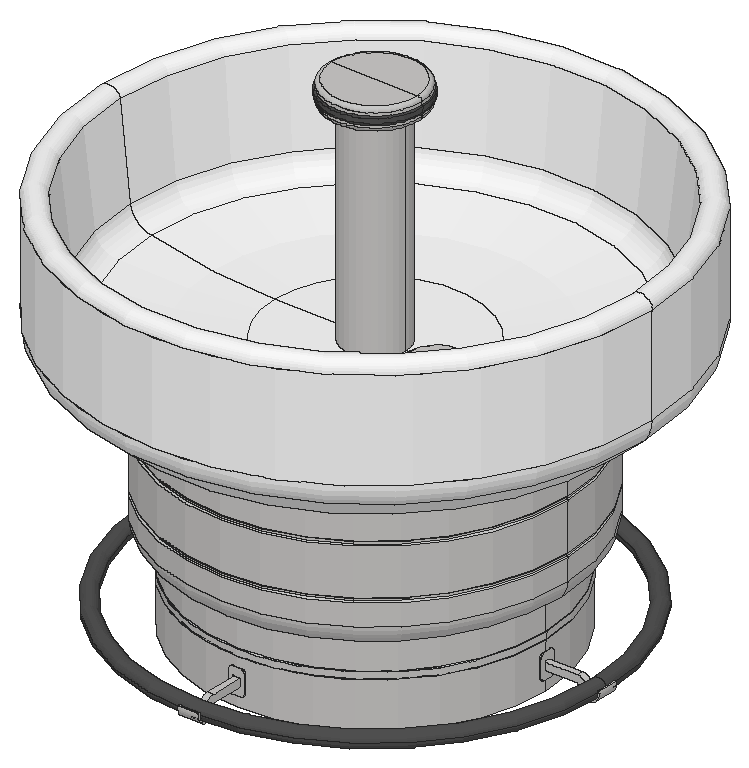
Revit family "Washfountain_Lavatory-Bradley_Corp-WF2605-Type_B_Drain", category Plumbing Fixtures, Revit 2012 (continued)
Lines and regions (in)
  reference lines
    curve 83: line (0, 0, 31.625) -> (0, -4, 31.625)
    curve 92: line (-5.56458, 3.13814, 45.5) -> (-0.06458, -6.38814, 45.5)
    curve 93: line (0.06458, -6.38814, 45.5) -> (5.56458, 3.13814, 45.5)
    curve 94: line (5.5, 3.25, 45.5) -> (-5.5, 3.25, 45.5)
    curve 95: line (-27, 0, 45.5) -> (-19, 0, 45.5)
    curve 128: line (-27, -27, 45.5) -> (-21, -27, 45.5)
    curve 129: line (-27, 27, 45.5) -> (-21, 27, 45.5)
    curve 140: line (0, 0, 45.5) -> (0, -3.5, 45.5)
    curve 156: line (0, 1.5, 35.125) -> (0, -1.75, 35.125)
    curve 157: line (-1.5, 0, 35.125) -> (1.5, 0, 35.125)
    curve 223: line (0, -10.91222, 45.5) -> (0, -15.41222, 45.5)
  symbolic lines, visible <- "Juvenile Height", detail levels fine
    curve 4: line (12.52869, 0, 11.79552) -> (-12.52869, 0, 11.79552)
    curve 5: line (12.4415, 0, 11.70832) -> (-12.4415, 0, 11.70832)
    curve 6: line (12.4415, 0, 11.58502) -> (-12.4415, 0, 11.58502)
    curve 7: line (12.52869, 0, 11.49783) -> (-12.52869, 0, 11.49783)
    curve 8: line (12.52869, 0, 8.49088) -> (-12.52869, 0, 8.49088)
    curve 9: line (12.4415, 0, 8.40369) -> (-12.4415, 0, 8.40369)
    curve 10: line (12.4415, 0, 8.28038) -> (-12.4415, 0, 8.28038)
    curve 11: line (12.52869, 0, 8.19319) -> (-12.52869, 0, 8.19319)
    curve 13: line (11.12583, 0, 2.953) -> (0.48842, 0, 2.953)
    curve 45: line (0, 12.52869, 11.59252) -> (0, -12.52869, 11.59252)
    curve 46: line (0, -12.4415, 11.50532) -> (0, 12.4415, 11.50532)
    curve 47: line (0, 12.4415, 11.38202) -> (0, -12.4415, 11.38202)
    curve 48: line (0, -12.52869, 11.29483) -> (0, 12.52869, 11.29483)
    curve 49: line (0, 12.52869, 8.28788) -> (0, -12.52869, 8.28788)
    curve 50: line (0, -12.4415, 8.20069) -> (0, 12.4415, 8.20069)
    curve 51: line (0, 12.4415, 8.07738) -> (0, -12.4415, 8.07738)
    curve 52: line (0, -12.52869, 7.99019) -> (0, 12.52869, 7.99019)
    curve 200: line (-11.12583, 0, 3.453) -> (11.12583, 0, 3.453)
    curve 201: line (11.16155, 0, 3.40649) -> (-11.16155, 0, 3.40649)
    curve 202: line (11.16155, 0, 2.99964) -> (-11.16155, 0, 2.99964)
    curve 203: line (-11.12583, 0, 2.953) -> (11.12583, 0, 2.953)
    curve 206: line (0, -11.12583, 3.45264) -> (0, 11.12583, 3.45264)
    curve 207: line (0, 11.16155, 3.40613) -> (0, -11.16155, 3.40613)
    curve 208: line (0, -11.16155, 2.99916) -> (0, 11.16155, 2.99916)
    curve 209: line (0, 11.12583, 2.95264) -> (0, -11.12586, 2.95264)
  symbolic lines, visible <- "Juvenile Height"
    curve 12: line (11.12583, 0, 5.39985) -> (-11.12583, 0, 5.39985)
    curve 53: line (0, 11.12583, 5.19685) -> (0, -11.12583, 5.19685)
  symbolic lines, visible <- "Standard Height", detail levels fine
    curve 15: line (12.52869, 0, 10.89269) -> (-12.52869, 0, 10.89269)
    curve 16: line (12.41821, 0, 10.78221) -> (-12.41821, 0, 10.78221)
    curve 17: line (12.41821, 0, 10.62596) -> (-12.41821, 0, 10.62596)
    curve 18: line (12.52869, 0, 10.51547) -> (-12.52869, 0, 10.51547)
    curve 19: line (12.52869, 0, 6.70519) -> (-12.52869, 0, 6.70519)
    curve 20: line (12.41821, 0, 6.59471) -> (-12.41821, 0, 6.59471)
    curve 21: line (12.41821, 0, 6.43846) -> (-12.41821, 0, 6.43846)
    curve 22: line (12.52869, 0, 6.32797) -> (-12.52869, 0, 6.32797)
    curve 24: line (11.12583, 0, -0.54688) -> (-11.12583, 0, -0.54688)
    curve 25: line (11.16155, 0, -0.59339) -> (-11.16155, 0, -0.59339)
    curve 26: line (11.16155, 0, -1.00036) -> (-11.16155, 0, -1.00036)
    curve 27: line (11.12583, 0, -1.04688) -> (-11.12583, 0, -1.04688)
    curve 29: line (0, 11.12583, -1.04688) -> (0, -11.12583, -1.04688)
    curve 30: line (0, -11.16155, -1.00036) -> (0, 11.16155, -1.00036)
    curve 31: line (0, 11.16155, -0.59339) -> (0, -11.16155, -0.59339)
    curve 32: line (0, -11.12583, -0.54688) -> (0, 11.12583, -0.54688)
    curve 34: line (0, -12.52869, 6.32797) -> (0, 12.52869, 6.32797)
    curve 35: line (0, 12.41821, 6.43846) -> (0, -12.41821, 6.43846)
    curve 36: line (0, -12.41821, 6.59471) -> (0, 12.41821, 6.59471)
    curve 37: line (0, 12.52869, 6.70519) -> (0, -12.52869, 6.70519)
    curve 38: line (0, -12.52869, 10.51547) -> (0, 12.52869, 10.51547)
    curve 39: line (0, 12.41821, 10.62596) -> (0, -12.41821, 10.62596)
    curve 40: line (0, -12.41821, 10.78221) -> (0, 12.41821, 10.78221)
    curve 41: line (0, 12.52869, 10.89269) -> (0, -12.52869, 10.89269)
  symbolic lines, visible <- "Standard Height"
    curve 23: line (11.12583, 0, 2.77084) -> (-11.12583, 0, 2.77084)
    curve 33: line (0, 11.12583, 2.77084) -> (0, -11.12583, 2.77084)
  symbolic lines, visible <- "Standard Height", detail levels medium
    curve 42: line (0, 12.41821, 10.70408) -> (0, -12.41821, 10.70408)
    curve 43: line (0, -12.41821, 6.51658) -> (0, 12.41821, 6.51658)
    curve 44: line (0, 11.16155, -0.79688) -> (0, -11.16155, -0.79688)
    curve 58: line (-12.41821, 0, 10.70394) -> (12.41855, 0, 10.70394)
    curve 59: line (12.41855, 0, 6.51644) -> (-12.41821, 0, 6.51644)
    curve 60: line (-11.16155, 0, -0.79688) -> (11.16155, 0, -0.79688)
  symbolic lines, visible <- "Juvenile Height", detail levels medium
    curve 54: line (0, 12.4415, 8.13904) -> (0, -12.4415, 8.13904)
    curve 55: line (0, -12.4415, 11.44367) -> (0, 12.4415, 11.44367)
    curve 56: line (-12.4415, 0, 8.34204) -> (12.4415, 0, 8.34204)
    curve 57: line (12.4415, 0, 11.64667) -> (-12.4415, 0, 11.64667)
    curve 204: line (-11.16155, 0, 3.20306) -> (11.16155, 0, 3.20306)
    curve 210: line (0, -11.16155, 3.20264) -> (0, 11.16155, 3.20264)
  symbolic lines, visible <- "Soap Dispenser", detail levels fine
    curve 62: line (-5.81, 0, 34.73265) -> (5.81, 0, 34.73265)
    curve 63: line (5.87777, 0, 35.98265) -> (-5.87777, 0, 35.98265)
    curve 64: line (-5.93039, 0, 37.23265) -> (5.93039, 0, 37.23265)
    curve 65: line (5.98301, 0, 38.48265) -> (-5.98301, 0, 38.48265)
    curve 67: line (6.13971, 0, 39.74971) -> (-6.13971, 0, 39.74971)
    curve 69: line (0, 5.80997, 34.73265) -> (0, -5.80997, 34.73265)
    curve 70: line (0, -5.87775, 35.98265) -> (0, 5.87775, 35.98265)
    curve 71: line (0, 5.93037, 37.23265) -> (0, -5.93037, 37.23265)
    curve 72: line (0, -5.98298, 38.48265) -> (0, 5.98298, 38.48265)
    curve 74: line (0, -6.13969, 39.74971) -> (0, 6.13969, 39.74971)
  symbolic lines, visible <- "Soap Dispenser", detail levels medium+fine
    curve 66: line (-6.13971, 0, 39.12453) -> (6.13971, 0, 39.12453)
    curve 73: line (0, 6.13969, 39.12453) -> (0, -6.13969, 39.12453)
    curve 170: circle (0, 0, 40.125) r 4.13984 normal (0, 0, 1)
  symbolic lines, detail levels medium
    curve 75: line (-3.12875, 0, 31.17952) -> (-3.035, 0, 31.17952)
    curve 77: line (3.035, 0, 31.17952) -> (3.12875, 0, 31.17952)
    curve 78: line (3.12875, 0, 30.67952) -> (3.035, 0, 30.67952)
    curve 80: line (-3.035, 0, 30.67952) -> (-3.12875, 0, 30.67952)
    curve 84: line (0, 3.12875, 31.17952) -> (0, 3.035, 31.17952)
    curve 86: line (0, -3.035, 31.17952) -> (0, -3.12875, 31.17952)
    curve 87: line (0, -3.12875, 30.67952) -> (0, -3.035, 30.67952)
    curve 89: line (0, 3.035, 30.67952) -> (0, 3.12875, 30.67952)
  symbolic lines, detail levels medium+fine
    curve 76: line (-3.035, 0, 31.17952) -> (3.035, 0, 31.17952)
    curve 79: line (3.035, 0, 30.67952) -> (-3.035, 0, 30.67952)
    curve 85: line (0, 3.035, 31.17952) -> (0, -3.035, 31.17952)
    curve 88: line (0, -3.035, 30.67952) -> (0, 3.035, 30.67952)
    curve 171: circle (0, 0, 31.625) r 2.785 normal (0, 0, 1)
    curve 172: circle (0, 0, 31.625) r 3.035 normal (0, 0, 1)
    curve 174: circle (0, 0, 25.25) r 14 normal (0, 0, 1)
    curve 213: circle (4, 0, 25.25) r 1.25 normal (0, 0, 1)
    curve 214: circle (4, 0, 25.25) r 0.1842 normal (0, 0, 1)
    curve 215: circle (4, 0.87771, 25.25) r 0.1842 normal (0, 0, 1)
    curve 216: circle (4.62063, 0.62063, 25.25) r 0.1842 normal (0, 0, 1)
    curve 217: circle (4.87771, 0, 25.25) r 0.1842 normal (0, 0, 1)
    curve 218: circle (4.62063, -0.62063, 25.25) r 0.1842 normal (0, 0, 1)
    curve 219: circle (4, -0.87771, 25.25) r 0.1842 normal (0, 0, 1)
    curve 220: circle (3.37937, -0.62063, 25.25) r 0.1842 normal (0, 0, 1)
    curve 221: circle (3.12229, 0, 25.25) r 0.1842 normal (0, 0, 1)
    curve 222: circle (3.37937, 0.62063, 25.25) r 0.1842 normal (0, 0, 1)
  symbolic lines
    curve 81: line (-2, 0, 30.23452) -> (2, 0, 30.23452)
    curve 90: line (0, 2, 30.23452) -> (0, -2, 30.23452)
    curve 173: circle (0, 0, 25.25) r 16 normal (0, 0, 1)
    curve 212: circle (4, 0, 25.25) r 1.75 normal (0, 0, 1)
  symbolic lines, visible <- "Soap Dispenser"
    curve 82: line (-2.095, 0, 34.125) -> (2.095, 0, 34.125)
    curve 91: line (0, 2.095, 34.125) -> (0, -2.095, 34.125)
  symbolic lines, visible <- "Towel Dispenser"
    curve 96: line (-0.06458, -27, 60.81283) -> (-0.06458, -27, 45.5)
    curve 97: line (0.06458, -27, 60.81283) -> (0.06458, -27, 45.5)
    curve 98: line (-9.02868, -27, 60.12533) -> (-3.52868, -27, 60.12533)
    curve 99: line (-0.06458, -27, 60.81283) -> (-3.52868, -27, 60.12533)
    curve 100: line (3.52868, -27, 60.12533) -> (0.06458, -27, 60.81283)
    curve 101: line (3.52868, -27, 60.12533) -> (9.02868, -27, 60.12533)
    curve 102: line (3.52868, -27, 46.875) -> (3.52868, -27, 60.12533)
    curve 103: line (-3.52868, -27, 60.12533) -> (-3.52868, -27, 46.875)
    curve 104: line (-3.52868, -27, 46.875) -> (-9.02868, -27, 46.875)
    curve 105: line (9.02868, -27, 46.875) -> (3.52868, -27, 46.875)
    curve 106: line (-3.52868, -27, 46.875) -> (-1.58013, -27, 45.5)
    curve 107: line (1.58013, -27, 45.5) -> (3.52868, -27, 46.875)
    curve 108: line (-2, -27, 45.5) -> (2, -27, 45.5)
    curve 109: line (-2, -27, 60.81283) -> (2, -27, 60.81283)
    curve 130: line (-5.56458, 27, 60.83333) -> (-5.56458, 27, 45.5)
    curve 131: line (5.56458, 27, 45.5) -> (5.56458, 27, 60.81283)
    curve 132: line (5.56458, 27, 60.12533) -> (-5.56458, 27, 60.12533)
    curve 133: line (-5.56458, 27, 46.875) -> (5.56458, 27, 46.875)
    curve 143: line (0, 2.26314, 45.5) -> (0, 1.13814, 46.875)
    curve 144: line (0, -8.38814, 46.875) -> (0, 1.13814, 46.875)
    curve 145: line (0, 1.13814, 46.875) -> (0, 1.13814, 60.12533)
    curve 146: line (0, 1.13814, 60.12533) -> (0, -8.38814, 60.12533)
    curve 147: line (0, 1.13814, 60.12533) -> (0, 3.13814, 60.81283)
    curve 148: line (0, 3.13814, 60.81283) -> (0, 3.13814, 45.5)
    curve 149: line (0, 3.25, 45.5) -> (0, 3.25, 60.81283)
    curve 154: line (0, 2, 60.81283) -> (0, -2, 60.81283)
    curve 155: line (0, 2, 45.5) -> (0, -2, 45.5)
    curve 164: line (-0.06458, -6.38814, 45.5) -> (-5.56458, 3.13814, 45.5)
    curve 165: line (-5.5, 3.25, 45.5) -> (5.5, 3.25, 45.5)
    curve 166: line (5.56458, 3.13814, 45.5) -> (0.06458, -6.38814, 45.5)
  model lines, visible <- "Towel Dispenser", detail levels fine
    curve 110: spline (3.52868, -8.38814, 46.875) -> (3.62239, -8.22584, 49.91612) -> (3.89711, -7.75, 52.75) -> (4.33414, -6.99305, 55.1835) -> (4.90368, -6.00657, 57.0508) -> (5.56693, -4.85779, 58.22463) -> (6.27868, -3.625, 58.625) -> (6.99044, -2.39221, 58.22463) -> (7.65368, -1.24343, 57.0508) -> (8.22323, -0.25695, 55.1835) -> (8.66025, 0.5, 52.75) -> (8.93498, 0.97584, 49.91612) -> (9.02868, 1.13814, 46.875)
    curve 111: spline (4.5072, -6.6933, 49.47656) -> (4.52666, -6.65959, 49.51064) -> (4.5448, -6.62818, 49.61054) -> (4.56037, -6.60121, 49.76946) -> (4.57232, -6.58051, 49.97656) -> (4.57983, -6.5675, 50.21774) -> (4.5824, -6.56306, 50.47656) -> (4.57983, -6.5675, 50.73538) -> (4.57232, -6.58051, 50.97656) -> (4.56037, -6.60121, 51.18367) -> (4.5448, -6.62818, 51.34259) -> (4.52666, -6.65959, 51.44249) -> (4.5072, -6.6933, 51.47656) -> (4.48774, -6.72701, 51.44249) -> (4.4696, -6.75842, 51.34259) -> (4.45403, -6.7854, 51.18367) -> (4.44208, -6.80609, 50.97656) -> (4.43457, -6.81911, 50.73538) -> (4.432, -6.82354, 50.47656) -> (4.43457, -6.81911, 50.21774) -> (4.44208, -6.80609, 49.97656) -> (4.45403, -6.7854, 49.76946) -> (4.4696, -6.75842, 49.61054) -> (4.48774, -6.72701, 49.51064) -> (4.5072, -6.6933, 49.47656)
    curve 112: spline (5.5, 7.25, 46.875) -> (5.31259, 7.25, 49.91612) -> (4.76314, 7.25, 52.75) -> (3.88909, 7.25, 55.1835) -> (2.75, 7.25, 57.0508) -> (1.4235, 7.25, 58.22463) -> (0, 7.25, 58.625) -> (-1.4235, 7.25, 58.22463) -> (-2.75, 7.25, 57.0508) -> (-3.88909, 7.25, 55.1835) -> (-4.76314, 7.25, 52.75) -> (-5.31259, 7.25, 49.91612) -> (-5.5, 7.25, 46.875)
    curve 113: spline (3.54297, 7.25, 49.47656) -> (3.50354, 7.25, 49.51064) -> (3.4668, 7.25, 49.61054) -> (3.43525, 7.25, 49.76946) -> (3.41104, 7.25, 49.97656) -> (3.39582, 7.25, 50.21774) -> (3.39062, 7.25, 50.47656) -> (3.39582, 7.25, 50.73538) -> (3.41104, 7.25, 50.97656) -> (3.43525, 7.25, 51.18367) -> (3.4668, 7.25, 51.34259) -> (3.50354, 7.25, 51.44249) -> (3.54297, 7.25, 51.47656) -> (3.5824, 7.25, 51.44249) -> (3.61914, 7.25, 51.34259) -> (3.65069, 7.25, 51.18367) -> (3.6749, 7.25, 50.97656) -> (3.69012, 7.25, 50.73538) -> (3.69531, 7.25, 50.47656) -> (3.69012, 7.25, 50.21774) -> (3.6749, 7.25, 49.97656) -> (3.65069, 7.25, 49.76946) -> (3.61914, 7.25, 49.61054) -> (3.5824, 7.25, 49.51064) -> (3.54297, 7.25, 49.47656)
    curve 114: spline (-9.02868, 1.13814, 46.875) -> (-8.93498, 0.97584, 49.91612) -> (-8.66025, 0.5, 52.75) -> (-8.22323, -0.25695, 55.1835) -> (-7.65368, -1.24343, 57.0508) -> (-6.99044, -2.39221, 58.22463) -> (-6.27868, -3.625, 58.625) -> (-5.56693, -4.85779, 58.22463) -> (-4.90368, -6.00657, 57.0508) -> (-4.33414, -6.99305, 55.1835) -> (-3.89711, -7.75, 52.75) -> (-3.62239, -8.22584, 49.91612) -> (-3.52868, -8.38814, 46.875)
    curve 115: spline (-8.05017, -0.5567, 49.47656) -> (-8.03045, -0.59085, 49.51064) -> (-8.01208, -0.62267, 49.61054) -> (-7.99631, -0.64999, 49.76946) -> (-7.9842, -0.67096, 49.97656) -> (-7.97659, -0.68414, 50.21774) -> (-7.974, -0.68863, 50.47656) -> (-7.97659, -0.68414, 50.73538) -> (-7.9842, -0.67096, 50.97656) -> (-7.99631, -0.64999, 51.18367) -> (-8.01208, -0.62267, 51.34259) -> (-8.03045, -0.59085, 51.44249) -> (-8.05017, -0.5567, 51.47656) -> (-8.06988, -0.52255, 51.44249) -> (-8.08825, -0.49073, 51.34259) -> (-8.10403, -0.46341, 51.18367) -> (-8.11614, -0.44244, 50.97656) -> (-8.12374, -0.42926, 50.73538) -> (-8.12634, -0.42477, 50.47656) -> (-8.12374, -0.42926, 50.21774) -> (-8.11614, -0.44244, 49.97656) -> (-8.10403, -0.46341, 49.76946) -> (-8.08825, -0.49073, 49.61054) -> (-8.06988, -0.52255, 49.51064) -> (-8.05017, -0.5567, 49.47656)
  symbolic lines, visible <- "Towel Dispenser", detail levels fine
    curve 116: spline (-9.02868, -27, 46.875) -> (-8.93498, -27, 49.91612) -> (-8.66025, -27, 52.75) -> (-8.22323, -27, 55.1835) -> (-7.65368, -27, 57.0508) -> (-6.99044, -27, 58.22463) -> (-6.27868, -27, 58.625) -> (-5.56693, -27, 58.22463) -> (-4.90368, -27, 57.0508) -> (-4.33414, -27, 55.1835) -> (-3.89711, -27, 52.75) -> (-3.62239, -27, 49.91612) -> (-3.52868, -27, 46.875)
    curve 117: spline (3.52868, -27, 46.875) -> (3.62239, -27, 49.91612) -> (3.89711, -27, 52.75) -> (4.33414, -27, 55.1835) -> (4.90368, -27, 57.0508) -> (5.56693, -27, 58.22463) -> (6.27868, -27, 58.625) -> (6.99044, -27, 58.22463) -> (7.65368, -27, 57.0508) -> (8.22323, -27, 55.1835) -> (8.66025, -27, 52.75) -> (8.93498, -27, 49.91612) -> (9.02868, -27, 46.875)
    curve 118: spline (-8.05017, -27, 49.47656) -> (-8.03045, -27, 49.51064) -> (-8.01208, -27, 49.61054) -> (-7.99631, -27, 49.76946) -> (-7.9842, -27, 49.97656) -> (-7.97659, -27, 50.21774) -> (-7.974, -27, 50.47656) -> (-7.97659, -27, 50.73538) -> (-7.9842, -27, 50.97656) -> (-7.99631, -27, 51.18367) -> (-8.01208, -27, 51.34259) -> (-8.03045, -27, 51.44249) -> (-8.05017, -27, 51.47656) -> (-8.06988, -27, 51.44249) -> (-8.08825, -27, 51.34259) -> (-8.10403, -27, 51.18367) -> (-8.11614, -27, 50.97656) -> (-8.12374, -27, 50.73538) -> (-8.12634, -27, 50.47656) -> (-8.12374, -27, 50.21774) -> (-8.11614, -27, 49.97656) -> (-8.10403, -27, 49.76946) -> (-8.08825, -27, 49.61054) -> (-8.06988, -27, 49.51064) -> (-8.05017, -27, 49.47656)
    curve 119: spline (4.5072, -27, 49.47656) -> (4.52666, -27, 49.51064) -> (4.5448, -27, 49.61054) -> (4.56037, -27, 49.76946) -> (4.57232, -27, 49.97656) -> (4.57983, -27, 50.21774) -> (4.5824, -27, 50.47656) -> (4.57983, -27, 50.73538) -> (4.57232, -27, 50.97656) -> (4.56037, -27, 51.18367) -> (4.5448, -27, 51.34259) -> (4.52666, -27, 51.44249) -> (4.5072, -27, 51.47656) -> (4.48774, -27, 51.44249) -> (4.4696, -27, 51.34259) -> (4.45403, -27, 51.18367) -> (4.44208, -27, 50.97656) -> (4.43457, -27, 50.73538) -> (4.432, -27, 50.47656) -> (4.43457, -27, 50.21774) -> (4.44208, -27, 49.97656) -> (4.45403, -27, 49.76946) -> (4.4696, -27, 49.61054) -> (4.48774, -27, 49.51064) -> (4.5072, -27, 49.47656)
    curve 134: spline (5.56458, 27, 46.875) -> (5.37497, 27, 49.91612) -> (4.81907, 27, 52.75) -> (3.93475, 27, 55.1835) -> (2.78229, 27, 57.0508) -> (1.44022, 27, 58.22463) -> (0, 27, 58.625) -> (-1.44022, 27, 58.22463) -> (-2.78229, 27, 57.0508) -> (-3.93475, 27, 55.1835) -> (-4.81907, 27, 52.75) -> (-5.37497, 27, 49.91612) -> (-5.56458, 27, 46.875)
    curve 139: spline (3.54297, 27, 49.47656) -> (3.50354, 27, 49.51064) -> (3.4668, 27, 49.61054) -> (3.43525, 27, 49.76946) -> (3.41104, 27, 49.97656) -> (3.39582, 27, 50.21774) -> (3.39062, 27, 50.47656) -> (3.39582, 27, 50.73538) -> (3.41104, 27, 50.97656) -> (3.43525, 27, 51.18367) -> (3.4668, 27, 51.34259) -> (3.50354, 27, 51.44249) -> (3.54297, 27, 51.47656) -> (3.5824, 27, 51.44249) -> (3.61914, 27, 51.34259) -> (3.65069, 27, 51.18367) -> (3.6749, 27, 50.97656) -> (3.69012, 27, 50.73538) -> (3.69531, 27, 50.47656) -> (3.69012, 27, 50.21774) -> (3.6749, 27, 49.97656) -> (3.65069, 27, 49.76946) -> (3.61914, 27, 49.61054) -> (3.5824, 27, 49.51064) -> (3.54297, 27, 49.47656)
    curve 141: spline (0, 1.13814, 46.875) -> (0, 0.97584, 49.91612) -> (0, 0.5, 52.75) -> (0, -0.25695, 55.1835) -> (0, -1.24343, 57.0508) -> (0, -2.39221, 58.22463) -> (0, -3.625, 58.625) -> (0, -4.85779, 58.22463) -> (0, -6.00657, 57.0508) -> (0, -6.99305, 55.1835) -> (0, -7.75, 52.75) -> (0, -8.22584, 49.91612) -> (0, -8.38814, 46.875)
    curve 142: spline (0, -0.5567, 49.47656) -> (0, -0.59085, 49.51064) -> (0, -0.62267, 49.61054) -> (0, -0.64999, 49.76946) -> (0, -0.67096, 49.97656) -> (0, -0.68414, 50.21774) -> (0, -0.68863, 50.47656) -> (0, -0.68414, 50.73538) -> (0, -0.67096, 50.97656) -> (0, -0.64999, 51.18367) -> (0, -0.62267, 51.34259) -> (0, -0.59085, 51.44249) -> (0, -0.5567, 51.47656) -> (0, -0.52255, 51.44249) -> (0, -0.49073, 51.34259) -> (0, -0.46341, 51.18367) -> (0, -0.44244, 50.97656) -> (0, -0.42926, 50.73538) -> (0, -0.42477, 50.47656) -> (0, -0.42926, 50.21774) -> (0, -0.44244, 49.97656) -> (0, -0.46341, 49.76946) -> (0, -0.49073, 49.61054) -> (0, -0.52255, 49.51064) -> (0, -0.5567, 49.47656)
  symbolic lines, visible <- "Towel Dispenser", detail levels medium+fine
    curve 120: line (-7.85863, -27, 46.57859) -> (-3.85863, -27, 46.57859)
    curve 121: spline (-3.85863, -27, 46.57859) -> (-3.74269, -27, 46.56526) -> (-3.59688, -27, 46.52619) -> (-3.43114, -27, 46.46404) -> (-3.25676, -27, 46.38304) -> (-3.08563, -27, 46.28872) -> (-2.92941, -27, 46.1875) -> (-2.79874, -27, 46.08628) -> (-2.70253, -27, 45.99196) -> (-2.64735, -27, 45.91096) -> (-2.63693, -27, 45.84881) -> (-2.67201, -27, 45.80974) -> (-2.75018, -27, 45.79641)
    curve 122: line (-2.75018, -27, 45.79641) -> (-6.75018, -27, 45.79641)
    curve 123: spline (-6.75018, -27, 45.79641) -> (-6.86612, -27, 45.80974) -> (-7.01193, -27, 45.84881) -> (-7.17768, -27, 45.91096) -> (-7.35205, -27, 45.99196) -> (-7.52318, -27, 46.08628) -> (-7.67941, -27, 46.1875) -> (-7.81007, -27, 46.28872) -> (-7.90628, -27, 46.38304) -> (-7.96147, -27, 46.46404) -> (-7.97188, -27, 46.52619) -> (-7.9368, -27, 46.56526) -> (-7.85863, -27, 46.57859)
    curve 124: line (3.85863, -27, 46.57859) -> (7.85863, -27, 46.57859)
    curve 125: spline (7.85863, -27, 46.57859) -> (7.9368, -27, 46.56526) -> (7.97188, -27, 46.52619) -> (7.96147, -27, 46.46404) -> (7.90628, -27, 46.38304) -> (7.81007, -27, 46.28872) -> (7.67941, -27, 46.1875) -> (7.52318, -27, 46.08628) -> (7.35205, -27, 45.99196) -> (7.17768, -27, 45.91096) -> (7.01193, -27, 45.84881) -> (6.86612, -27, 45.80974) -> (6.75018, -27, 45.79641)
    curve 126: line (6.75018, -27, 45.79641) -> (2.75018, -27, 45.79641)
    curve 127: spline (2.75018, -27, 45.79641) -> (2.67201, -27, 45.80974) -> (2.63693, -27, 45.84881) -> (2.64735, -27, 45.91096) -> (2.70253, -27, 45.99196) -> (2.79874, -27, 46.08628) -> (2.92941, -27, 46.1875) -> (3.08563, -27, 46.28872) -> (3.25676, -27, 46.38304) -> (3.43114, -27, 46.46404) -> (3.59688, -27, 46.52619) -> (3.74269, -27, 46.56526) -> (3.85863, -27, 46.57859)
    curve 135: line (4, 27, 46.57859) -> (-4, 27, 46.57859)
    curve 136: spline (-4, 27, 46.57859) -> (-4.19411, 27, 46.56526) -> (-4.375, 27, 46.52619) -> (-4.53033, 27, 46.46404) -> (-4.64952, 27, 46.38304) -> (-4.72444, 27, 46.28872) -> (-4.75, 27, 46.1875) -> (-4.72444, 27, 46.08628) -> (-4.64952, 27, 45.99196) -> (-4.53033, 27, 45.91096) -> (-4.375, 27, 45.84881) -> (-4.19411, 27, 45.80974) -> (-4, 27, 45.79641)
    curve 137: line (-4, 27, 45.79641) -> (4, 27, 45.79641)
    curve 138: spline (4, 27, 45.79641) -> (4.19411, 27, 45.80974) -> (4.375, 27, 45.84881) -> (4.53033, 27, 45.91096) -> (4.64952, 27, 45.99196) -> (4.72444, 27, 46.08628) -> (4.75, 27, 46.1875) -> (4.72444, 27, 46.28872) -> (4.64952, 27, 46.38304) -> (4.53033, 27, 46.46404) -> (4.375, 27, 46.52619) -> (4.19411, 27, 46.56526) -> (4, 27, 46.57859)
    curve 150: line (0, -6.84658, 46.57859) -> (0, 0.08162, 46.57859)
    curve 151: spline (0, 0.08162, 46.57859) -> (0, 0.26063, 46.56526) -> (0, 0.44925, 46.52619) -> (0, 0.63462, 46.46404) -> (0, 0.80411, 46.38304) -> (0, 0.94617, 46.28872) -> (0, 1.05112, 46.1875) -> (0, 1.11181, 46.08628) -> (0, 1.12409, 45.99196) -> (0, 1.08714, 45.91096) -> (0, 1.00347, 45.84881) -> (0, 0.87879, 45.80974) -> (0, 0.72158, 45.79641)
    curve 152: line (0, 0.72158, 45.79641) -> (0, -6.20662, 45.79641)
    curve 153: spline (0, -6.20662, 45.79641) -> (0, -6.38563, 45.80974) -> (0, -6.57425, 45.84881) -> (0, -6.75962, 45.91096) -> (0, -6.92911, 45.99196) -> (0, -7.07117, 46.08628) -> (0, -7.17612, 46.1875) -> (0, -7.23681, 46.28872) -> (0, -7.24909, 46.38304) -> (0, -7.21214, 46.46404) -> (0, -7.12847, 46.52619) -> (0, -7.00379, 46.56526) -> (0, -6.84658, 46.57859)
    curve 167: line (-5.5, 5, 45.5) -> (5.5, 5, 45.5)
    curve 168: line (-1.58013, -7.26314, 45.5) -> (-7.08013, 2.26314, 45.5)
    curve 169: line (7.08013, 2.26314, 45.5) -> (1.58013, -7.26314, 45.5)
  symbolic lines, visible <- "Sensor Module", detail levels medium
    curve 158: line (0, 4.57537, 33.11012) -> (0, -4.57537, 33.11012)
    curve 161: line (4.57537, 0, 33.11012) -> (-4.57537, 0, 33.11012)
  symbolic lines, visible <- "Sensor Module", detail levels fine
    curve 159: line (0, 4.49987, 34.55959) -> (0, -4.49987, 34.55959)
    curve 160: line (-4.49987, 0, 34.55959) -> (4.49987, 0, 34.55959)
  symbolic lines, visible <- "Sensor Module"
    curve 162: line (-2, 0, 32.28462) -> (2, 0, 32.28462)
    curve 163: line (0, 2, 32.28462) -> (0, -2, 32.28462)
  model lines, not visible
    curve 175: circle (0, 0, 0) r 14.513 normal (0, 0, 1)
  sketch lines
    curve 176: circle (0, 0, 0) r 14.513 normal (0, 0, 1)
  symbolic lines, visible <- "Foot Control Valve", detail levels fine
    curve 177: arc (-14.513, 0, 0.925) -> (-14.90955, 0, 1.12046) -> (-14.99607, 0, 1.55401) r 0.5
    curve 178: line (-13.81522, 0, 0.925) -> (-14.513, 0, 0.925)
    curve 179: line (-0.50316, 0, 1.925) -> (0.50316, 0, 1.925)
    curve 180: line (-0.46318, 0, 0.825) -> (0.46318, 0, 0.825)
    curve 181: line (-0.67078, 0, 0.925) -> (-0.67078, 0, 1.61691)
    curve 182: line (-0.67078, 0, 1.61691) -> (0.67078, 0, 1.61691)
    curve 183: line (0.67078, 0, 1.61691) -> (0.67078, 0, 0.925)
    curve 184: arc (0, 14.513, 0.825) -> (0, 14.04562, 1.04876) -> (0, 13.92685, 1.55315) r 0.6
    curve 185: arc (0, 13.92685, 1.55315) -> (0, 13.98637, 1.59132) -> (0, 14.02454, 1.53179) r 0.05
    curve 186: arc (0, 14.513, 1.925) -> (0, 14.20846, 1.02845) -> (0, 14.99607, 1.55401) r 0.5
    curve 187: line (0, 13.81522, 0.925) -> (0, 14.18134, 0.925)
    curve 188: arc (0, -14.513, 0.825) -> (0, -14.04562, 1.04876) -> (0, -13.92685, 1.55315) r 0.6
    curve 189: arc (0, -13.92685, 1.55315) -> (0, -13.98637, 1.59132) -> (0, -14.02454, 1.53179) r 0.05
    curve 190: arc (0, -14.513, 1.925) -> (0, -14.20846, 1.02845) -> (0, -14.99607, 1.55401) r 0.5
    curve 191: line (0, -13.81522, 0.925) -> (0, -14.18134, 0.925)
    curve 192: line (0, 0.67078, 0.925) -> (0, 0.67078, 1.61691)
    curve 193: line (0, 0.67078, 1.61691) -> (0, -0.67078, 1.61691)
    curve 194: line (0, -0.67078, 1.61691) -> (0, -0.67078, 0.925)
    curve 195: line (0, 0.50316, 1.925) -> (0, -0.50316, 1.925)
    curve 196: line (0, 0.46318, 0.825) -> (0, -0.46318, 0.825)
    curve 197: arc (14.513, 0, 0.925) -> (14.90955, 0, 1.12046) -> (14.99607, 0, 1.55401) r 0.5
    curve 198: line (13.81522, 0, 0.925) -> (14.513, 0, 0.925)
    curve 199: arc (14.513, 0, 0.825) -> (14.33979, 0, 0.85054) -> (14.18134, 0, 0.925) r 0.6
    curve 205: arc (-14.513, 0, 0.825) -> (-14.33979, 0, 0.85054) -> (-14.18134, 0, 0.925) r 0.6
  model lines, detail levels medium+fine
    curve 211: circle (4, 0, 16.59297) r 1.25 normal (0, 0, 1)
Dimensions and locks (in)
  "Towel Dispenser Height": plane 4 "Towel Dispenser" to plane 2
  "Soap Dispenser Height": plane 5 "Soap Dispenser" to plane 2
  "Spray Head Height": plane 6 "Spray Head" to plane 2
  "Rim Height": plane 7 "Rim Height" to plane 2
  "Pedestal Height": plane 8 "Pedestal Height" to plane 2
  locked: plane 5 "Soap Dispenser" to Masking region 10 sketch curve at 6
  locked: curve 93 to Extrusion 9 sketch curve at 15.31283
  locked: curve 93 to Extrusion 9 sketch curve at 15.16247
  locked: curve 93 to Extrusion 9 sketch curve at 4
  locked: curve 92 to Extrusion 8 sketch curve at 15.31283
  locked: curve 92 to Extrusion 8 sketch curve at 15.16247
  locked: Extrusion 8 sketch curve to curve 92 at 4
  locked: curve 94 to Extrusion 7 sketch curve at 15.31283
  locked: curve 94 to Extrusion 7 sketch curve at 15.16247
  locked: curve 94 to Extrusion 7 sketch curve at 4
  locked: Extrusion 6 to Extrusion 8 at 1
  "Towel Dispenser Holder": plane 4 "Towel Dispenser" to Masking region 18
  "Towel Dispenser Holder": plane 4 "Towel Dispenser" to Masking region 19
  locked: plane 6 "Spray Head" to Revolve 4 sketch curve at 1.39048
  locked: plane 6 "Spray Head" to Revolve 13 sketch curve at 1.39048
  locked: plane 5 "Soap Dispenser" to Revolve 5 sketch curve at 6
  locked: plane 5 "Soap Dispenser" to Masking region 11 sketch curve at 6
  "Sensor Module Height": plane 9 "Sensor Module" to plane 2
  locked: plane 9 "Sensor Module" to Revolve 15 sketch curve at 2.84038
  locked: plane 9 "Sensor Module" to Revolve 14 sketch curve at 2.84038
  locked: plane 9 "Sensor Module" to Masking region 21 sketch curve at 2.84038  (x2)
  locked: plane 9 "Sensor Module" to Masking region 22 sketch curve at 2.84038  (x2)
  locked: plane 5 "Soap Dispenser" to Masking region 13 sketch curve at 6
  locked: plane 5 "Soap Dispenser" to Masking region 14 sketch curve at 6
  locked: plane 9 "Sensor Module" to Masking region 23 sketch curve at 2.84038  (x2)
  locked: plane 9 "Sensor Module" to Masking region 24 sketch curve at 2.84038  (x2)
  "Towel Dispenser Holder": plane 4 "Towel Dispenser" to Extrusion 6
  locked: plane 5 "Soap Dispenser" to plane 10 at 6
  "Soap Dispenser Holder": plane 10 to Masking region 25
  "Soap Dispenser Holder": plane 10 to Extrusion 16
  "Soap Dispenser Holder": Masking region 26 to plane 10
  equal spacing: plane 14, plane 1 "Center (Front/Back)", plane 13
  "Width": plane 14 to plane 13
  equal spacing: plane 11, plane 3 "Center (Left/Right)", plane 12
  "Width": plane 11 to plane 12
  "Vent Height": Extrusion 36 to plane 2
  locked: Extrusion 37 sketch curve to plane 3 "Center (Left/Right)" at 4
  locked: Extrusion 37 to plane 2 at 2.99998
  locked: plane 5 "Soap Dispenser" to Revolve 12 sketch curve at 1.00047
  locked: plane 5 "Soap Dispenser" to Revolve 38 sketch curve at 1.00047
  locked: Extrusion 9 sketch curve to Extrusion 9 sketch curve at 1.375
  locked: Extrusion 8 sketch curve to Extrusion 8 sketch curve at 1.375
  locked: Extrusion 7 sketch curve to Extrusion 7 sketch curve at 1.375
  locked: Masking region 19 sketch curve to plane 4 "Towel Dispenser" at 15.31283
  Masking region 19 sketch curve to Masking region 19 sketch curve to plane 4 "Towel Dispenser" = 0.6875" locked, 14.62533" locked
  Masking region 18 sketch curve to Masking region 18 sketch curve to Masking region 18 sketch curve to plane 4 "Towel Dispenser" = 0.6875" locked, 13.25033" locked, 1.375" locked  (x2)
  locked: Masking region 18 sketch curve to plane 4 "Towel Dispenser" at 16.31283
  locked: plane 9 "Sensor Module" to Extrusion 39 sketch curve at 1.3649
  locked: plane 9 "Sensor Module" to Extrusion 40 sketch curve at 1.3649
  locked: plane 9 "Sensor Module" to Extrusion 41 sketch curve at 1.3649
  locked: plane 9 "Sensor Module" to Extrusion 42 sketch curve at 1.3649
  Extrusion 36 sketch curve to plane 3 "Center (Left/Right)" to Extrusion 36 sketch curve = 0.875" locked, 0.875" locked
  locked: plane 1 "Center (Front/Back)" to Extrusion 36 sketch curve at 1.25  (x2)
  "Vent Radius": radius of Extrusion 36 sketch curve
  "Drain Radius": radius of Extrusion 37 sketch curve
  "Cold Lavatory Inlet Radius": radius of Extrusion 36 sketch curve
  "Hot Lavatory Inlet Radius": radius of Extrusion 36 sketch curve
  aligned and locked: plane 7 "Rim Height" to curve 1
  aligned and locked: curve 2 to plane 5 "Soap Dispenser"
  aligned and locked: plane 3 "Center (Left/Right)" to Revolve 1 sketch curve
  aligned and locked: Revolve 2 sketch curve to plane 3 "Center (Left/Right)"
  aligned and locked: Revolve 3 sketch curve to plane 3 "Center (Left/Right)"
  aligned and locked: curve 3 to plane 6 "Spray Head"
  aligned and locked: Revolve 4 sketch curve to plane 3 "Center (Left/Right)"
  aligned and locked: Revolve 5 sketch curve to plane 3 "Center (Left/Right)"
  aligned and locked: Revolve 10 sketch curve to plane 3 "Center (Left/Right)"
  aligned and locked: curve 8 to Revolve 1
  aligned and locked: curve 9 to Revolve 1
  aligned and locked: curve 10 to Revolve 1
  aligned and locked: curve 11 to Revolve 1
  aligned and locked: Revolve 1 to curve 4
  aligned and locked: Revolve 1 to curve 5
  aligned and locked: Revolve 1 to curve 6
  aligned and locked: Revolve 1 to curve 7
  aligned and locked: curve 12 to Revolve 1
  aligned and locked: curve 13 to Revolve 1
  aligned and locked: Revolve 11 sketch curve to plane 3 "Center (Left/Right)"
  aligned and locked: Revolve 12 sketch curve to plane 3 "Center (Left/Right)"
  aligned and locked: Masking region 10 sketch curve to plane 5 "Soap Dispenser"
  aligned and locked: Revolve 13 sketch curve to plane 3 "Center (Left/Right)"
  aligned and locked: Masking region 15 to plane 7 "Rim Height"
  aligned and locked: plane 7 "Rim Height" to Masking region 16
  aligned and locked: Masking region 17 to plane 7 "Rim Height"
  aligned and locked: plane 7 "Rim Height" to Masking region 20 sketch curve
  aligned and locked: Revolve 4 sketch curve to plane 8 "Pedestal Height"
  aligned and locked: Revolve 13 sketch curve to plane 8 "Pedestal Height"
  aligned and locked: Revolve 14 sketch curve to plane 3 "Center (Left/Right)"
  aligned and locked: Revolve 15 sketch curve to plane 3 "Center (Left/Right)"
  aligned and locked: Revolve 14 sketch curve to plane 6 "Spray Head"
  aligned and locked: Revolve 15 sketch curve to plane 6 "Spray Head"
  aligned and locked: Masking region 22 sketch curve to plane 6 "Spray Head"
  aligned and locked: Masking region 21 sketch curve to plane 6 "Spray Head"
  aligned and locked: plane 10 to Masking region 25 sketch curve
  aligned and locked: Extrusion 16 to plane 10
  aligned and locked: plane 10 to Masking region 26 sketch curve
  aligned and locked: Masking region 24 sketch curve to plane 6 "Spray Head"
  aligned and locked: Masking region 23 sketch curve to plane 6 "Spray Head"
  aligned and locked: Revolve 17 sketch curve to plane 3 "Center (Left/Right)"
  aligned and locked: Extrusion 34 to plane 8 "Pedestal Height"
  aligned and locked: plane 7 "Rim Height" to Extrusion 34
  aligned and locked: curve 223 to plane 4 "Towel Dispenser"
  aligned and locked: plane 3 "Center (Left/Right)" to Extrusion 36 sketch curve
  aligned and locked: plane 1 "Center (Front/Back)" to Extrusion 36 sketch curve
  aligned and locked: Extrusion 36 to plane 2
  aligned and locked: plane 1 "Center (Front/Back)" to Extrusion 37 sketch curve
  aligned and locked: Extrusion 37 to plane 2
  aligned and locked: Revolve 10 sketch curve to plane 8 "Pedestal Height"
  aligned and locked: Revolve 2 sketch curve to plane 8 "Pedestal Height"
  aligned and locked: Revolve 12 sketch curve to plane 10
  aligned and locked: Revolve 38 sketch curve to plane 3 "Center (Left/Right)"
  aligned and locked: Revolve 38 sketch curve to plane 5 "Soap Dispenser"
  aligned and locked: Masking region 24 sketch curve to plane 9 "Sensor Module"
  aligned and locked: Masking region 2 sketch curve to plane 8 "Pedestal Height"
  aligned and locked: Masking region 1 sketch curve to plane 8 "Pedestal Height"
  aligned and locked: plane 8 "Pedestal Height" to Masking region 8 sketch curve
  aligned and locked: plane 3 "Center (Left/Right)" to Extrusion 39 sketch curve
  aligned and locked: plane 3 "Center (Left/Right)" to Extrusion 40 sketch curve
  aligned and locked: plane 3 "Center (Left/Right)" to Extrusion 41 sketch curve
  aligned and locked: plane 3 "Center (Left/Right)" to Extrusion 42 sketch curve
  aligned and locked: Extrusion 40 to Masking region 24
  aligned and locked: Extrusion 39 to Masking region 24
  aligned and locked: Masking region 24 to Extrusion 42
  aligned and locked: Extrusion 42 to Masking region 23
  aligned and locked: Extrusion 41 to Masking region 23
  aligned and locked: Masking region 24 to Extrusion 41
  aligned and locked: Extrusion 40 to Masking region 38 sketch curve
  aligned and locked: Masking region 38 sketch curve to Extrusion 40
  aligned and locked: Masking region 38 sketch curve to Extrusion 39  (x2)
  aligned and locked: Masking region 39 to Extrusion 40
  aligned and locked: Masking region 39 to Masking region 23  (x2)
  aligned and locked: Masking region 39 to Extrusion 39
Automatic sketch dimensions
  plane 11 to curve 11 = 5.47131"
  curve 4 to curve 11 = 0.000"
  curve 7 to curve 4 = 0.000"
  curve 8 to curve 11 = 0.000"
  curve 4 to curve 5 = 0.08719"
  curve 57 to curve 5 = 0.000"  (x2)
  curve 11 to curve 10 = 0.08719"
  curve 8 to curve 9 = 0.08719"
  curve 6 to curve 57 = 0.000"  (x2)
  curve 56 to curve 10 = 0.000"
  curve 13 to plane 12 = 6.87417"
  curve 5 to plane 12 = 5.5585"
  curve 9 to curve 57 = 0.000"
  curve 56 to curve 9 = 0.000"
  curve 10 to curve 56 = 0.000"
  curve 9 to curve 8 = 0.08719"
  curve 10 to curve 11 = 0.08719"
  curve 5 to curve 4 = 0.08719"
  curve 6 to curve 7 = 0.08719"
  curve 10 to curve 56 = 0.06165"
  curve 57 to curve 5 = 0.06165"
  curve 175 to plane 1 "Center (Front/Back)" = 0.000"
  curve 175 to plane 3 "Center (Left/Right)" = 0.000"
  curve 1 to plane 11 = 9.000"
  curve 1 to curve 1 = 2.86256"
  curve 3 to curve 1 = 0.000"  (x2)
  curve 2 to curve 1 = 0.000"
  curve 2 to curve 1 = 6.000"
  Revolve 3 sketch curve to Revolve 3 sketch curve = 0.000"  (x2)
  curve 14 to Revolve 3 sketch curve = 7.97131"
  curve 14 to Revolve 3 sketch curve = 7.87417"
  Revolve 3 sketch curve to Revolve 3 sketch curve = 0.09714"
  Revolve 3 sketch curve to Revolve 3 sketch curve = 0.03572"
  Revolve 3 sketch curve to Revolve 3 sketch curve = 1.38951"
  Revolve 3 sketch curve to Revolve 3 sketch curve = 0.11049"  (x7)
  curve 14 to Revolve 3 sketch curve = 0.00013"
  Revolve 3 sketch curve to Revolve 3 sketch curve = 4.10718"
  Revolve 3 sketch curve to Revolve 3 sketch curve = 0.15625"  (x2)
  Revolve 3 sketch curve to Revolve 3 sketch curve = 3.81028"
  Revolve 3 sketch curve to Revolve 3 sketch curve = 2.0604"
  Revolve 3 sketch curve to Revolve 3 sketch curve = 3.31771"
  Revolve 3 sketch curve to Revolve 3 sketch curve = 0.04651"  (x2)
  Revolve 3 sketch curve to Revolve 3 sketch curve = 0.40697"
  Revolve 3 sketch curve to Revolve 3 sketch curve = 2.953"
  Revolve 3 sketch curve to Revolve 3 sketch curve = 3.64346"
  Revolve 3 sketch curve to curve 14 = 7.85616"
  Revolve 4 sketch curve to plane 3 "Center (Left/Right)" = 0.000"
  Revolve 4 sketch curve to plane 3 "Center (Left/Right)" = 2.000"
  Revolve 4 sketch curve to Revolve 4 sketch curve = 0.785"
  Revolve 4 sketch curve to plane 6 "Spray Head" = 0.00048"
  Revolve 4 sketch curve to Revolve 4 sketch curve = 0.000"
  Revolve 4 sketch curve to Revolve 4 sketch curve = 0.250"  (x2)
  Revolve 4 sketch curve to Revolve 4 sketch curve = 0.09375"
  Revolve 4 sketch curve to Revolve 4 sketch curve = 1.83812"
  Revolve 4 sketch curve to Revolve 4 sketch curve = 0.195"
  Revolve 4 sketch curve to Revolve 4 sketch curve = 0.28875"
  plane 6 "Spray Head" to Revolve 4 sketch curve = 1.27178"
  Revolve 5 sketch curve to curve 2 = 0.00086"
  Revolve 5 sketch curve to Revolve 5 sketch curve = 0.000"
  Revolve 5 sketch curve to Revolve 5 sketch curve = 3.76826"
  Revolve 5 sketch curve to Revolve 5 sketch curve = 4.13984"
  Revolve 5 sketch curve to Revolve 5 sketch curve = 2.04174"
  Revolve 5 sketch curve to Revolve 5 sketch curve = 0.06777"
  Revolve 5 sketch curve to Revolve 5 sketch curve = 0.05262"  (x2)
  Revolve 5 sketch curve to Revolve 5 sketch curve = 0.03107"
  curve 2 to Revolve 5 sketch curve = 0.37529"
  Revolve 5 sketch curve to Revolve 5 sketch curve = 0.12563"
  Revolve 5 sketch curve to Revolve 5 sketch curve = 4.31523"
  Revolve 5 sketch curve to Revolve 5 sketch curve = 0.24765"
  Revolve 5 sketch curve to Revolve 5 sketch curve = 0.60765"
  Revolve 5 sketch curve to Revolve 5 sketch curve = 1.250"  (x3)
  Revolve 5 sketch curve to Revolve 5 sketch curve = 0.62518"
  Revolve 5 sketch curve to Revolve 5 sketch curve = 3.45483"
  Extrusion 6 sketch curve to plane 1 "Center (Front/Back)" = 0.000"
  Extrusion 6 sketch curve to plane 3 "Center (Left/Right)" = 0.000"
  Revolve 11 sketch curve to curve 14 = 0.000"
  Revolve 11 sketch curve to Revolve 11 sketch curve = 0.000"
  curve 14 to Revolve 11 sketch curve = 7.87417"
  Revolve 11 sketch curve to Revolve 11 sketch curve = 1.40286"
  Revolve 11 sketch curve to curve 14 = 9.60015"
  Revolve 11 sketch curve to Revolve 11 sketch curve = 5.39985"
  Revolve 11 sketch curve to Revolve 11 sketch curve = 6.67602"
  Revolve 11 sketch curve to curve 14 = 4.32398"
  Masking region 3 sketch curve to curve 14 = 0.000"
  curve 14 to Masking region 3 sketch curve = 6.47131"
  Masking region 3 sketch curve to Masking region 3 sketch curve = 0.000"  (x3)
  Masking region 3 sketch curve to Masking region 3 sketch curve = 0.11049"  (x12)
  Masking region 3 sketch curve to Masking region 3 sketch curve = 1.36714"
  Masking region 3 sketch curve to Masking region 3 sketch curve = 1.40286"
  Masking region 3 sketch curve to Masking region 3 sketch curve = 0.03572"  (x2)
  Masking region 3 sketch curve to Masking region 3 sketch curve = 0.09714"
  curve 14 to Masking region 3 sketch curve = 10.73245"
  Masking region 3 sketch curve to Masking region 3 sketch curve = 22.05773"
  Masking region 3 sketch curve to Masking region 3 sketch curve = 0.09679"  (x2)
  curve 14 to Masking region 3 sketch curve = 8.56169"
  Masking region 3 sketch curve to Masking region 3 sketch curve = 1.38951"
  Masking region 3 sketch curve to Masking region 3 sketch curve = 1.500"
  curve 14 to Masking region 3 sketch curve = 4.10745"
  Masking region 3 sketch curve to curve 14 = 15.54688"
  Masking region 3 sketch curve to Masking region 3 sketch curve = 3.31755"
  Masking region 3 sketch curve to Masking region 3 sketch curve = 0.04651"  (x4)
  Masking region 3 sketch curve to Masking region 3 sketch curve = 0.40697"  (x2)
  Masking region 3 sketch curve to Masking region 3 sketch curve = 2.95312"
  Masking region 3 sketch curve to Masking region 3 sketch curve = 3.31757"
  Masking region 3 sketch curve to Masking region 3 sketch curve = 2.06028"
  Masking region 3 sketch curve to Masking region 3 sketch curve = 0.15625"  (x3)
  Masking region 3 sketch curve to Masking region 3 sketch curve = 0.37722"
  Masking region 3 sketch curve to Masking region 3 sketch curve = 3.81028"
  curve 28 to plane 1 "Center (Front/Back)" = 0.000"
  curve 28 to plane 3 "Center (Left/Right)" = 0.000"
  curve 14 to plane 1 "Center (Front/Back)" = 0.000"
  curve 14 to plane 11 = 1.000"
  curve 14 to curve 14 = 8.000"
  plane 1 "Center (Front/Back)" to curve 28 = 7.000"
  curve 14 to curve 15 = 6.47131"
  curve 19 to curve 15 = 0.000"
  curve 18 to curve 15 = 0.000"
  curve 22 to curve 19 = 0.000"
  curve 18 to curve 17 = 0.11049"  (x2)
  curve 58 to curve 17 = 0.000"
  curve 22 to curve 59 = 0.11049"
  curve 16 to curve 58 = 0.000"
  curve 20 to curve 59 = 0.000"
  curve 21 to curve 59 = 0.000"
  curve 22 to curve 60 = 1.36714"
  curve 25 to curve 60 = 0.000"
  curve 26 to curve 60 = 0.000"
  curve 25 to curve 24 = 0.03572"
  curve 26 to curve 27 = 0.03572"
  curve 23 to curve 24 = 0.000"  (x2)
  curve 24 to curve 24 = 22.25166"
  curve 27 to curve 24 = 0.000"
  curve 24 to curve 25 = 0.03572"
  curve 27 to curve 26 = 0.03572"
  curve 60 to curve 25 = 0.000"
  curve 23 to curve 21 = 1.29238"
  curve 20 to curve 21 = 0.000"
  curve 17 to curve 20 = 0.000"
  curve 16 to curve 17 = 0.000"
  curve 17 to curve 58 = 0.00035"
  curve 21 to curve 59 = 0.00035"
  curve 20 to curve 19 = 0.11049"  (x2)
  curve 17 to curve 18 = 0.11049"
  curve 21 to curve 22 = 0.11049"
  curve 16 to curve 15 = 0.11049"  (x2)
  curve 27 to curve 14 = 16.04688"
  curve 27 to curve 26 = 0.04651"
  curve 26 to curve 60 = 0.20349"
  curve 60 to curve 25 = 0.20349"
  curve 25 to curve 24 = 0.04651"
  curve 24 to curve 23 = 3.31771"
  curve 23 to curve 22 = 3.55713"
  curve 22 to curve 21 = 0.11049"
  curve 21 to curve 59 = 0.07798"
  curve 59 to curve 20 = 0.07827"
  curve 19 to curve 18 = 3.81028"
  curve 17 to curve 58 = 0.07798"
  curve 58 to curve 16 = 0.07827"
  Masking region 4 sketch curve to curve 28 = 0.000"
  Masking region 4 sketch curve to curve 28 = 12.52869"
  Masking region 4 sketch curve to Masking region 4 sketch curve = 1.40286"
  curve 28 to Masking region 4 sketch curve = 4.12583"
  curve 28 to Masking region 4 sketch curve = 5.52869"
  Masking region 4 sketch curve to curve 28 = 12.22916"
  curve 28 to Masking region 4 sketch curve = 12.22916"
  Masking region 4 sketch curve to Masking region 4 sketch curve = 6.77084"
  Masking region 5 sketch curve to curve 28 = 0.000"
  curve 28 to Masking region 5 sketch curve = 4.10731"
  Masking region 5 sketch curve to curve 28 = 12.52869"
  Masking region 5 sketch curve to Masking region 5 sketch curve = 0.000"  (x4)
  curve 28 to Masking region 5 sketch curve = 4.48453"  (x2)
  Masking region 5 sketch curve to Masking region 5 sketch curve = 0.11049"  (x11)
  curve 28 to Masking region 5 sketch curve = 4.37404"
  Masking region 5 sketch curve to Masking region 5 sketch curve = 1.36714"
  Masking region 5 sketch curve to Masking region 5 sketch curve = 1.40286"
  Masking region 5 sketch curve to Masking region 5 sketch curve = 0.03572"  (x2)
  Masking region 5 sketch curve to Masking region 5 sketch curve = 1.500"  (x2)
  curve 28 to Masking region 5 sketch curve = 4.02869"
  curve 28 to Masking region 5 sketch curve = 4.12583"
  Masking region 5 sketch curve to Masking region 5 sketch curve = 1.38951"
  Masking region 5 sketch curve to Masking region 5 sketch curve = 3.81028"  (x2)
  Masking region 5 sketch curve to Masking region 5 sketch curve = 0.15625"  (x3)
  Masking region 5 sketch curve to Masking region 5 sketch curve = 2.06028"  (x2)
  Masking region 5 sketch curve to Masking region 5 sketch curve = 3.31771"  (x2)
  Masking region 5 sketch curve to Masking region 5 sketch curve = 0.04651"  (x4)
  Masking region 5 sketch curve to Masking region 5 sketch curve = 0.40697"  (x2)
  Masking region 5 sketch curve to Masking region 5 sketch curve = 2.95312"
  curve 28 to curve 38 = 4.48453"
  curve 38 to curve 28 = 12.52869"
  curve 41 to curve 38 = 0.000"
  curve 34 to curve 38 = 0.000"
  curve 37 to curve 34 = 0.000"
  curve 41 to curve 42 = 0.11049"
  curve 34 to curve 35 = 0.11049"  (x2)
  curve 43 to curve 35 = 0.000"
  curve 39 to curve 42 = 0.000"
  curve 36 to curve 43 = 0.000"  (x2)
  curve 40 to curve 42 = 0.000"
  curve 34 to curve 31 = 1.36714"
  curve 30 to curve 31 = 0.000"
  curve 44 to curve 31 = 0.000"
  curve 30 to curve 29 = 0.03572"
  curve 31 to curve 33 = 0.03572"
  curve 31 to curve 32 = 0.03572"
  curve 28 to curve 29 = 4.12583"
  curve 33 to curve 29 = 0.000"
  curve 32 to curve 29 = 0.000"
  curve 32 to curve 44 = 0.03572"
  curve 32 to curve 31 = 0.03572"
  curve 29 to curve 30 = 0.03572"
  curve 28 to curve 40 = 5.41821"
  curve 39 to curve 40 = 0.000"
  curve 33 to curve 43 = 1.29238"
  curve 42 to curve 40 = 0.000"
  curve 35 to curve 43 = 0.000"
  curve 39 to curve 38 = 0.11049"
  curve 36 to curve 37 = 0.11049"  (x2)
  curve 35 to curve 34 = 0.11049"
  curve 40 to curve 41 = 0.11049"  (x2)
  curve 37 to curve 38 = 3.81028"
  curve 43 to curve 36 = 0.07813"
  curve 35 to curve 43 = 0.07812"
  curve 33 to curve 34 = 3.55713"
  curve 32 to curve 33 = 3.31771"
  curve 31 to curve 32 = 0.04651"
  curve 44 to curve 31 = 0.20349"
  curve 30 to curve 44 = 0.20349"
  curve 29 to curve 30 = 0.04651"
  curve 38 to curve 39 = 0.11049"
  curve 39 to curve 42 = 0.07813"
  curve 42 to curve 40 = 0.07812"
  Masking region 6 sketch curve to Masking region 6 sketch curve = 1.40286"  (x2)
  Masking region 6 sketch curve to Masking region 6 sketch curve = 5.19685"
  curve 61 to plane 3 "Center (Left/Right)" = 0.000"
  curve 61 to plane 1 "Center (Front/Back)" = 0.000"
  curve 61 to curve 61 = 5.000"
  curve 2 to Masking region 10 sketch curve = 1.00047"
  curve 2 to Masking region 10 sketch curve = 11.99772"
  Masking region 10 sketch curve to Masking region 10 sketch curve = 0.12563"  (x2)
  Masking region 10 sketch curve to Masking region 10 sketch curve = 0.03107"  (x2)
  Masking region 10 sketch curve to Masking region 10 sketch curve = 0.05262"  (x4)
  Masking region 10 sketch curve to Masking region 10 sketch curve = 0.06777"  (x2)
  Masking region 10 sketch curve to Masking region 10 sketch curve = 1.93968"
  Masking region 10 sketch curve to Masking region 10 sketch curve = 1.89488"  (x2)
  Masking region 10 sketch curve to Masking region 10 sketch curve = 7.83024"
  Masking region 10 sketch curve to Masking region 10 sketch curve = 0.28491"
  curve 2 to Masking region 10 sketch curve = 0.37529"
  Masking region 10 sketch curve to Masking region 10 sketch curve = 0.67284"
  Masking region 10 sketch curve to Masking region 10 sketch curve = 0.60765"  (x2)
  Masking region 10 sketch curve to Masking region 10 sketch curve = 1.250"  (x5)
  Masking region 10 sketch curve to Masking region 10 sketch curve = 0.64189"
  Masking region 10 sketch curve to Masking region 10 sketch curve = 0.62518"
  Revolve 12 sketch curve to plane 3 "Center (Left/Right)" = 0.000"
  Revolve 12 sketch curve to Revolve 12 sketch curve = 5.810"
  Revolve 12 sketch curve to Revolve 12 sketch curve = 0.32971"
  plane 6 "Spray Head" to Revolve 12 sketch curve = 0.99114"
  Revolve 12 sketch curve to Revolve 12 sketch curve = 2.81973"
  Masking region 11 sketch curve to curve 2 = 0.000"
  curve 2 to Masking region 11 sketch curve = 11.93174"
  Masking region 11 sketch curve to Masking region 11 sketch curve = 0.39569"  (x2)
  Masking region 11 sketch curve to Masking region 11 sketch curve = 11.620"
  curve 68 to plane 3 "Center (Left/Right)" = 0.000"
  curve 68 to plane 1 "Center (Front/Back)" = 0.000"
  curve 68 to curve 68 = 5.000"
  Revolve 13 sketch curve to plane 3 "Center (Left/Right)" = 0.000"
  Revolve 13 sketch curve to plane 3 "Center (Left/Right)" = 2.000"
  Revolve 13 sketch curve to plane 6 "Spray Head" = 0.00048"
  Revolve 13 sketch curve to Revolve 13 sketch curve = 0.785"  (x2)
  Revolve 13 sketch curve to Revolve 13 sketch curve = 0.34375"
  Revolve 13 sketch curve to Revolve 13 sketch curve = 2.13169"
  Revolve 13 sketch curve to Revolve 13 sketch curve = 0.445"
  Revolve 13 sketch curve to plane 6 "Spray Head" = 0.44548"
  plane 6 "Spray Head" to Revolve 13 sketch curve = 0.50064"
  curve 83 to plane 3 "Center (Left/Right)" = 0.000"
  curve 83 to plane 1 "Center (Front/Back)" = 0.000"
  plane 1 "Center (Front/Back)" to curve 83 = 4.000"
  curve 140 to plane 1 "Center (Front/Back)" = 0.000"
  curve 140 to plane 3 "Center (Left/Right)" = 0.000"
  curve 95 to plane 1 "Center (Front/Back)" = 0.000"
  plane 3 "Center (Left/Right)" to curve 93 = 0.06458"
  plane 3 "Center (Left/Right)" to curve 94 = 5.500"
  curve 93 to curve 94 = 0.06458"
  curve 92 to plane 3 "Center (Left/Right)" = 0.06458"
  curve 94 to plane 3 "Center (Left/Right)" = 5.500"
  curve 94 to curve 92 = 0.06458"
  curve 95 to plane 11 = 1.000"
  curve 129 to plane 11 = 3.000"
  curve 128 to plane 11 = 3.000"
  curve 95 to curve 95 = 8.000"
  curve 129 to curve 129 = 6.000"
  curve 128 to curve 128 = 6.000"
  curve 93 to plane 1 "Center (Front/Back)" = 3.13814"
  curve 92 to plane 1 "Center (Front/Back)" = 3.13814"
  curve 94 to curve 93 = 0.11186"
  plane 14 to curve 129 = 9.000"
  plane 1 "Center (Front/Back)" to curve 140 = 3.500"
  curve 140 to curve 93 = 2.88814"
  curve 92 to curve 93 = 0.000"
  curve 128 to plane 13 = 9.000"
  Masking region 20 sketch curve to plane 6 "Spray Head" = 0.85173"
  Masking region 20 sketch curve to plane 3 "Center (Left/Right)" = 3.12875"
  Masking region 20 sketch curve to plane 6 "Spray Head" = 0.25048"
  Masking region 20 sketch curve to Masking region 20 sketch curve = 0.09375"  (x3)
  Masking region 20 sketch curve to plane 6 "Spray Head" = 0.00048"
  Masking region 20 sketch curve to Masking region 20 sketch curve = 0.250"  (x3)
  Masking region 20 sketch curve to plane 3 "Center (Left/Right)" = 2.000"
  plane 3 "Center (Left/Right)" to Masking region 20 sketch curve = 2.000"
  Masking region 20 sketch curve to Masking region 20 sketch curve = 0.785"
  Masking region 20 sketch curve to Masking region 20 sketch curve = 0.000"
  Masking region 20 sketch curve to Masking region 20 sketch curve = 0.445"
  Masking region 20 sketch curve to Masking region 20 sketch curve = 1.140"
  Masking region 20 sketch curve to Masking region 20 sketch curve = 0.195"
  Masking region 20 sketch curve to Masking region 20 sketch curve = 0.28875"  (x2)
  curve 80 to plane 6 "Spray Head" = 0.94548"
  curve 80 to plane 3 "Center (Left/Right)" = 3.12875"
  curve 75 to curve 80 = 0.000"
  curve 80 to curve 79 = 0.09375"
  curve 75 to curve 76 = 0.09375"
  curve 79 to curve 81 = 1.035"
  plane 3 "Center (Left/Right)" to curve 81 = 2.000"
  curve 81 to curve 78 = 1.035"
  curve 76 to curve 78 = 0.000"
  curve 76 to curve 77 = 0.09375"
  curve 78 to curve 78 = 0.09375"
  curve 81 to curve 78 = 0.445"
  curve 77 to plane 6 "Spray Head" = 0.44548"
  curve 171 to curve 172 = 0.000"  (x2)
  curve 172 to plane 1 "Center (Front/Back)" = 0.000"
  curve 172 to plane 3 "Center (Left/Right)" = 0.000"
  curve 157 to plane 1 "Center (Front/Back)" = 0.000"
  curve 156 to plane 3 "Center (Left/Right)" = 0.000"
  plane 3 "Center (Left/Right)" to curve 157 = 1.500"
  curve 157 to plane 3 "Center (Left/Right)" = 1.500"
  curve 156 to plane 1 "Center (Front/Back)" = 1.500"
  plane 1 "Center (Front/Back)" to curve 156 = 1.750"
  Masking region 23 sketch curve to curve 156 = 0.000"
  curve 156 to Masking region 23 sketch curve = 0.56541"
  Masking region 23 sketch curve to curve 156 = 3.07537"
  Masking region 23 sketch curve to Masking region 23 sketch curve = 0.0755"  (x2)
  Masking region 23 sketch curve to Masking region 23 sketch curve = 0.11925"
  Masking region 23 sketch curve to Masking region 23 sketch curve = 0.000"  (x7)
  Masking region 23 sketch curve to Masking region 23 sketch curve = 0.135"
  Masking region 23 sketch curve to Masking region 23 sketch curve = 0.074"  (x2)
  Masking region 23 sketch curve to Masking region 23 sketch curve = 0.176"  (x2)
  Masking region 23 sketch curve to Masking region 23 sketch curve = 0.60277"  (x3)
  Masking region 23 sketch curve to Masking region 23 sketch curve = 0.17678"  (x2)
  Masking region 23 sketch curve to curve 156 = 0.60282"
  Masking region 23 sketch curve to curve 156 = 0.500"
  curve 156 to Masking region 23 sketch curve = 1.28252"
  Masking region 23 sketch curve to Masking region 23 sketch curve = 0.43497"
  curve 156 to Masking region 23 sketch curve = 0.250"
  curve 156 to Masking region 23 sketch curve = 0.35282"
  Masking region 23 sketch curve to Masking region 23 sketch curve = 1.64632"
  Masking region 23 sketch curve to Masking region 23 sketch curve = 0.60355"
  curve 156 to Masking region 23 sketch curve = 0.34072"
  Masking region 23 sketch curve to Masking region 23 sketch curve = 0.1905"
  Masking region 23 sketch curve to Masking region 23 sketch curve = 0.01575"
  Masking region 23 sketch curve to curve 156 = 39.99275"
  Masking region 23 sketch curve to Masking region 23 sketch curve = 0.07322"  (x2)
  Masking region 23 sketch curve to Masking region 23 sketch curve = 0.22469"
  Masking region 23 sketch curve to Masking region 23 sketch curve = 0.13441"
  Masking region 24 sketch curve to curve 156 = 3.07537"
  Masking region 24 sketch curve to Masking region 24 sketch curve = 0.8255"  (x3)
  Masking region 24 sketch curve to curve 156 = 0.500"
  curve 156 to Masking region 24 sketch curve = 0.250"
  Masking region 24 sketch curve to Masking region 24 sketch curve = 1.74987"
  curve 156 to Masking region 24 sketch curve = 2.82537"
  curve 158 to curve 156 = 3.07537"
  curve 156 to curve 159 = 0.56541"
  curve 158 to curve 159 = 0.0755"
  curve 163 to curve 156 = 0.500"
  curve 156 to curve 163 = 0.250"
  curve 156 to curve 159 = 2.74987"
  curve 159 to curve 158 = 0.0755"
  curve 158 to curve 159 = 1.44948"
  curve 163 to curve 156 = 2.84038"
  Extrusion 16 sketch curve to plane 1 "Center (Front/Back)" = 0.000"
  Extrusion 16 sketch curve to plane 3 "Center (Left/Right)" = 0.000"
  Masking region 27 sketch curve to plane 1 "Center (Front/Back)" = 0.000"
  Masking region 27 sketch curve to plane 3 "Center (Left/Right)" = 0.000"
  Masking region 28 sketch curve to plane 1 "Center (Front/Back)" = 0.000"
  Masking region 28 sketch curve to plane 3 "Center (Left/Right)" = 0.000"
  plane 3 "Center (Left/Right)" to Masking region 28 sketch curve = 0.06458"
